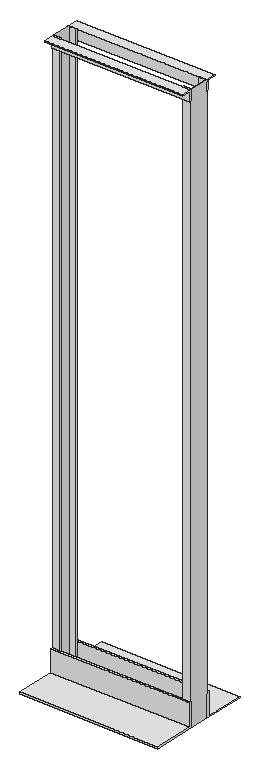
Revit family
Parameters (values of type "RLA19-1245")
  URL = "http://www.middleatlantic.com/dcm"
  Width = 20.28"
  Overall Height = 84.00"
  Model = "RLA19-1245"
  Material = Silver Brushed and Anodizaed
  Manufacturer = "Middle Atlantic Products, Inc."  # constant formula
  Keynote = ""
  Description = "Aluminum Open Frame Rack"  # constant formula
  Assembly Code = ""
Types (4): name | Width | Overall Height | Model | Material
  RLA19-1245 | 20.28" | 84.00" | "RLA19-1245" | Silver Brushed and Anodizaed
  RLA19-1245B | 20.28" | 84.00" | "RLA19-1245B" | Flat Black Powder Coat
  RLA23-1245 | 24.28" | 84.00" | "RLA23-1245" | Silver Brushed and Anodizaed
  RLA19-1251B | 20.28" | 96.17" | "RLA19-1251B" | Flat Black Powder Coat
Reference planes (in)
  plane 1 "Center (Front/Back)": y = 0
  plane 2: z = 0
  plane 3 "Center (Left/Right)": x = 0
  plane 4 "right": x = 10.14
  plane 5 "Top of Rail": z = 84
  plane 6 "Left": x = -10.14
  plane 7: y = 1.5
  plane 8: y = -1.5
Dimensions and locks (in)
  "Overall Height": plane 2 to plane 5 "Top of Rail"
  equal spacing: plane 4 "right", plane 3 "Center (Left/Right)", plane 6 "Left"
  "Width": plane 4 "right" to plane 6 "Left"
  aligned and locked: plane 2 to level
  aligned and locked: plane 7 to nested 2
  aligned and locked: plane 6 "Left" to nested 2
  aligned and locked: plane 7 to nested 1
  aligned and locked: plane 4 "right" to nested 1
  aligned and locked: plane 5 "Top of Rail" to nested 2
  aligned and locked: plane 5 "Top of Rail" to nested 1
  aligned and locked: nested 4 to plane 5 "Top of Rail"
  aligned and locked: plane 5 "Top of Rail" to nested 3
  aligned and locked: nested 3 to plane 7
  aligned and locked: plane 8 to nested 4
  aligned and locked: plane 6 "Left" to nested 3  (x2)
  aligned and locked: plane 4 "right" to nested 3  (x2)
  aligned and locked: nested 4 to plane 6 "Left"
  aligned and locked: nested 4 to plane 4 "right"
  aligned and locked: nested 5 to plane 7
  aligned and locked: plane 6 "Left" to nested 5  (x2)
  aligned and locked: plane 4 "right" to nested 5  (x2)
  aligned and locked: plane 8 to nested 6
  aligned and locked: plane 2 to nested 6
  aligned and locked: nested 5 to plane 2
  aligned and locked: nested 6 to plane 4 "right"
  aligned and locked: nested 6 to plane 6 "Left"
Nested families (in)
  nested 1: "Middle Atlantic-Vertical Rail" at (10.14, 0, 0) x (0, 1, 0) z (0, 0, 1), Material <- "Material", Rail Height <- "Overall Height", type "Middle Atlantic-Vertical Rail"
    with Rail Height 84.00", Rail Cut 54.00", Number of Holes 45, Material Silver Brushed and Anodizaed
  nested 2: "Middle Atlantic-Vertical Rail" at (-10.14, 0, 0) x (0, -1, 0) z (0, 0, 1), Material <- "Material", Rail Height <- "Overall Height", type "Middle Atlantic-Vertical Rail"
    with Rail Height 84.00", Rail Cut 54.00", Number of Holes 45, Material Silver Brushed and Anodizaed
  nested 3: "Middle Atlantic-Top Horizontal Rail" at (0, 1.5, 82.5), Material <- "Material", Rail Length <- "Width", type "Middle Atlantic-Top Horizontal Rail"
    with Rail Length 20.28", Rail Cut 54.00", Material Silver Brushed and Anodizaed
  nested 4: "Middle Atlantic-Top Horizontal Rail" at (0, -1.5, 82.5), Material <- "Material", Rail Length <- "Width", type "Middle Atlantic-Top Horizontal Rail"
    with Rail Length 20.28", Rail Cut 54.00", Material Silver Brushed and Anodizaed
  nested 5: "Middle Atlantic-Bottom Horizontal Rail" at (0, 1.5, 0), Material <- "Material", Rail Length <- "Width", type "Middle Atlantic-Rack Rail"
    with Rail Length 20.28", Rail Cut 54.00", Material Silver Brushed and Anodizaed
  nested 6: "Middle Atlantic-Bottom Horizontal Rail" at (0, -1.5, 0), Material <- "Material", Rail Length <- "Width", type "Middle Atlantic-Rack Rail"
    with Rail Length 20.28", Rail Cut 54.00", Material Silver Brushed and Anodizaed
Definition of nested family "Middle Atlantic-Vertical Rail"
  Parameters (values of type "Middle Atlantic-Vertical Rail")
    Top Offset = 1.50"
    Rail Width = 3.00"
    Rail Height [instance] = 62.00"
    Rail Cut [instance] = 54.00"
    Material [instance] = none
    Holes Spacing = 1.75"
    Number of Holes [instance] = ((Rail Height - (Top Offset + Bottom Offset)) / Holes Spacing)  # 33
    Bottom Offset = 3.60"
    Assembly Code = ""
  Reference planes (in)
    plane 1 "Center (Front/Back)": y = 0
    plane 2: z = 0
    plane 3 "Center (Left/Right)": x = 0
    plane 4: y = 1.13129
    plane 5 "right": x = 1.5
    plane 6 "Top of Rail": z = 62
    plane 7: y = 0.0625
    plane 8 "Left": x = -1.5
    plane 9: x = -1.4375
    plane 10: x = 1.4375
    plane 11: z = 3.6
    plane 12: y = 0.93051
    plane 13: z = 60.5
    plane 14: z = 5.35
  Forms (in)
    Extrusion 1, solid, material <- "Material"
      sketch origin (0, 0, 0) x (1, 0, 0) y (0, 1, 0)
        loop
          line (-1.5, 1.13129) -> (-1.5, 0) -> (1.5, 0) -> (1.5, 1.13129) -> (1.4375, 1.13129) -> (1.4375, 0.0625) -> (-1.4375, 0.0625) -> (-1.4375, 1.13129) -> (-1.5, 1.13129)
      from 0 to 62
  Lines and regions (in)
    model lines, style "GenericModel", detail levels fine
      curve 1: circle (-1.5, 0.93051, 3.6) r 0.06145 normal (-1, 0, 0)
      curve 4: circle (1.5, 0.93051, 3.6) r 0.06145 normal (-1, 0, 0)
      curve 13: circle (-1.5, 0.93051, 5.35) r 0.06145 normal (-1, 0, 0)
      curve 16: circle (1.5, 0.93051, 5.35) r 0.06145 normal (-1, 0, 0)
      curve 19: circle (-1.5, 0.93051, 7.1) r 0.06145 normal (-1, 0, 0)
      curve 22: circle (1.5, 0.93051, 7.1) r 0.06145 normal (-1, 0, 0)
      curve 25: circle (-1.5, 0.93051, 8.85) r 0.06145 normal (-1, 0, 0)
      curve 28: circle (1.5, 0.93051, 8.85) r 0.06145 normal (-1, 0, 0)
      curve 31: circle (-1.5, 0.93051, 10.6) r 0.06145 normal (-1, 0, 0)
      curve 34: circle (1.5, 0.93051, 10.6) r 0.06145 normal (-1, 0, 0)
      curve 37: circle (-1.5, 0.93051, 12.35) r 0.06145 normal (-1, 0, 0)
      curve 40: circle (1.5, 0.93051, 12.35) r 0.06145 normal (-1, 0, 0)
      curve 43: circle (-1.5, 0.93051, 14.1) r 0.06145 normal (-1, 0, 0)
      curve 46: circle (1.5, 0.93051, 14.1) r 0.06145 normal (-1, 0, 0)
      curve 49: circle (-1.5, 0.93051, 15.85) r 0.06145 normal (-1, 0, 0)
      curve 52: circle (1.5, 0.93051, 15.85) r 0.06145 normal (-1, 0, 0)
      curve 55: circle (-1.5, 0.93051, 17.6) r 0.06145 normal (-1, 0, 0)
      curve 58: circle (1.5, 0.93051, 17.6) r 0.06145 normal (-1, 0, 0)
      curve 61: circle (-1.5, 0.93051, 19.35) r 0.06145 normal (-1, 0, 0)
      curve 64: circle (1.5, 0.93051, 19.35) r 0.06145 normal (-1, 0, 0)
      curve 67: circle (-1.5, 0.93051, 21.1) r 0.06145 normal (-1, 0, 0)
      curve 70: circle (1.5, 0.93051, 21.1) r 0.06145 normal (-1, 0, 0)
      curve 73: circle (-1.5, 0.93051, 22.85) r 0.06145 normal (-1, 0, 0)
      curve 76: circle (1.5, 0.93051, 22.85) r 0.06145 normal (-1, 0, 0)
      curve 79: circle (-1.5, 0.93051, 24.6) r 0.06145 normal (-1, 0, 0)
      curve 82: circle (1.5, 0.93051, 24.6) r 0.06145 normal (-1, 0, 0)
      curve 85: circle (-1.5, 0.93051, 26.35) r 0.06145 normal (-1, 0, 0)
      curve 88: circle (1.5, 0.93051, 26.35) r 0.06145 normal (-1, 0, 0)
      curve 91: circle (-1.5, 0.93051, 28.1) r 0.06145 normal (-1, 0, 0)
      curve 94: circle (1.5, 0.93051, 28.1) r 0.06145 normal (-1, 0, 0)
      curve 97: circle (-1.5, 0.93051, 29.85) r 0.06145 normal (-1, 0, 0)
      curve 100: circle (1.5, 0.93051, 29.85) r 0.06145 normal (-1, 0, 0)
      curve 103: circle (-1.5, 0.93051, 31.6) r 0.06145 normal (-1, 0, 0)
      curve 106: circle (1.5, 0.93051, 31.6) r 0.06145 normal (-1, 0, 0)
      curve 109: circle (-1.5, 0.93051, 33.35) r 0.06145 normal (-1, 0, 0)
      curve 112: circle (1.5, 0.93051, 33.35) r 0.06145 normal (-1, 0, 0)
      curve 115: circle (-1.5, 0.93051, 35.1) r 0.06145 normal (-1, 0, 0)
      curve 118: circle (1.5, 0.93051, 35.1) r 0.06145 normal (-1, 0, 0)
      curve 121: circle (-1.5, 0.93051, 36.85) r 0.06145 normal (-1, 0, 0)
      curve 124: circle (1.5, 0.93051, 36.85) r 0.06145 normal (-1, 0, 0)
      curve 127: circle (-1.5, 0.93051, 38.6) r 0.06145 normal (-1, 0, 0)
      curve 130: circle (1.5, 0.93051, 38.6) r 0.06145 normal (-1, 0, 0)
      curve 133: circle (-1.5, 0.93051, 40.35) r 0.06145 normal (-1, 0, 0)
      curve 136: circle (1.5, 0.93051, 40.35) r 0.06145 normal (-1, 0, 0)
      curve 139: circle (-1.5, 0.93051, 42.1) r 0.06145 normal (-1, 0, 0)
      curve 142: circle (1.5, 0.93051, 42.1) r 0.06145 normal (-1, 0, 0)
      curve 145: circle (-1.5, 0.93051, 43.85) r 0.06145 normal (-1, 0, 0)
      curve 148: circle (1.5, 0.93051, 43.85) r 0.06145 normal (-1, 0, 0)
      curve 151: circle (-1.5, 0.93051, 45.6) r 0.06145 normal (-1, 0, 0)
      curve 154: circle (1.5, 0.93051, 45.6) r 0.06145 normal (-1, 0, 0)
      curve 157: circle (-1.5, 0.93051, 47.35) r 0.06145 normal (-1, 0, 0)
      curve 160: circle (1.5, 0.93051, 47.35) r 0.06145 normal (-1, 0, 0)
      curve 163: circle (-1.5, 0.93051, 49.1) r 0.06145 normal (-1, 0, 0)
      curve 166: circle (1.5, 0.93051, 49.1) r 0.06145 normal (-1, 0, 0)
      curve 169: circle (-1.5, 0.93051, 50.85) r 0.06145 normal (-1, 0, 0)
      curve 172: circle (1.5, 0.93051, 50.85) r 0.06145 normal (-1, 0, 0)
      curve 175: circle (-1.5, 0.93051, 52.6) r 0.06145 normal (-1, 0, 0)
      curve 178: circle (1.5, 0.93051, 52.6) r 0.06145 normal (-1, 0, 0)
      curve 181: circle (-1.5, 0.93051, 54.35) r 0.06145 normal (-1, 0, 0)
      curve 184: circle (1.5, 0.93051, 54.35) r 0.06145 normal (-1, 0, 0)
      curve 187: circle (-1.5, 0.93051, 56.1) r 0.06145 normal (-1, 0, 0)
      curve 190: circle (1.5, 0.93051, 56.1) r 0.06145 normal (-1, 0, 0)
      curve 193: circle (-1.5, 0.93051, 57.85) r 0.06145 normal (-1, 0, 0)
      curve 196: circle (1.5, 0.93051, 57.85) r 0.06145 normal (-1, 0, 0)
      curve 199: circle (-1.5, 0.93051, 59.6) r 0.06145 normal (-1, 0, 0)
      curve 202: circle (1.5, 0.93051, 59.6) r 0.06145 normal (-1, 0, 0)
    model lines, style "InvisibleLines", detail levels fine
      curve 2: line (-1.5, 0.86906, 3.6) -> (-1.5, 0.99196, 3.6)
      curve 3: line (-1.5, 0.93051, 3.66145) -> (-1.5, 0.93051, 3.53855)
      curve 5: line (1.5, 0.86906, 3.6) -> (1.5, 0.99196, 3.6)
      curve 6: line (1.5, 0.93051, 3.66145) -> (1.5, 0.93051, 3.53855)
      curve 14: line (-1.5, 0.86906, 5.35) -> (-1.5, 0.99196, 5.35)
      curve 15: line (-1.5, 0.93051, 5.41145) -> (-1.5, 0.93051, 5.28855)
      curve 17: line (1.5, 0.86906, 5.35) -> (1.5, 0.99196, 5.35)
      curve 18: line (1.5, 0.93051, 5.41145) -> (1.5, 0.93051, 5.28855)
      curve 20: line (-1.5, 0.86906, 7.1) -> (-1.5, 0.99196, 7.1)
      curve 21: line (-1.5, 0.93051, 7.16145) -> (-1.5, 0.93051, 7.03855)
      curve 23: line (1.5, 0.86906, 7.1) -> (1.5, 0.99196, 7.1)
      curve 24: line (1.5, 0.93051, 7.16145) -> (1.5, 0.93051, 7.03855)
      curve 26: line (-1.5, 0.86906, 8.85) -> (-1.5, 0.99196, 8.85)
      curve 27: line (-1.5, 0.93051, 8.91145) -> (-1.5, 0.93051, 8.78855)
      curve 29: line (1.5, 0.86906, 8.85) -> (1.5, 0.99196, 8.85)
      curve 30: line (1.5, 0.93051, 8.91145) -> (1.5, 0.93051, 8.78855)
      curve 32: line (-1.5, 0.86906, 10.6) -> (-1.5, 0.99196, 10.6)
      curve 33: line (-1.5, 0.93051, 10.66145) -> (-1.5, 0.93051, 10.53855)
      curve 35: line (1.5, 0.86906, 10.6) -> (1.5, 0.99196, 10.6)
      curve 36: line (1.5, 0.93051, 10.66145) -> (1.5, 0.93051, 10.53855)
      curve 38: line (-1.5, 0.86906, 12.35) -> (-1.5, 0.99196, 12.35)
      curve 39: line (-1.5, 0.93051, 12.41145) -> (-1.5, 0.93051, 12.28855)
      curve 41: line (1.5, 0.86906, 12.35) -> (1.5, 0.99196, 12.35)
      curve 42: line (1.5, 0.93051, 12.41145) -> (1.5, 0.93051, 12.28855)
      curve 44: line (-1.5, 0.86906, 14.1) -> (-1.5, 0.99196, 14.1)
      curve 45: line (-1.5, 0.93051, 14.16145) -> (-1.5, 0.93051, 14.03855)
      curve 47: line (1.5, 0.86906, 14.1) -> (1.5, 0.99196, 14.1)
      curve 48: line (1.5, 0.93051, 14.16145) -> (1.5, 0.93051, 14.03855)
      curve 50: line (-1.5, 0.86906, 15.85) -> (-1.5, 0.99196, 15.85)
      curve 51: line (-1.5, 0.93051, 15.91145) -> (-1.5, 0.93051, 15.78855)
      curve 53: line (1.5, 0.86906, 15.85) -> (1.5, 0.99196, 15.85)
      curve 54: line (1.5, 0.93051, 15.91145) -> (1.5, 0.93051, 15.78855)
      curve 56: line (-1.5, 0.86906, 17.6) -> (-1.5, 0.99196, 17.6)
      curve 57: line (-1.5, 0.93051, 17.66145) -> (-1.5, 0.93051, 17.53855)
      curve 59: line (1.5, 0.86906, 17.6) -> (1.5, 0.99196, 17.6)
      curve 60: line (1.5, 0.93051, 17.66145) -> (1.5, 0.93051, 17.53855)
      curve 62: line (-1.5, 0.86906, 19.35) -> (-1.5, 0.99196, 19.35)
      curve 63: line (-1.5, 0.93051, 19.41145) -> (-1.5, 0.93051, 19.28855)
      curve 65: line (1.5, 0.86906, 19.35) -> (1.5, 0.99196, 19.35)
      curve 66: line (1.5, 0.93051, 19.41145) -> (1.5, 0.93051, 19.28855)
      curve 68: line (-1.5, 0.86906, 21.1) -> (-1.5, 0.99196, 21.1)
      curve 69: line (-1.5, 0.93051, 21.16145) -> (-1.5, 0.93051, 21.03855)
      curve 71: line (1.5, 0.86906, 21.1) -> (1.5, 0.99196, 21.1)
      curve 72: line (1.5, 0.93051, 21.16145) -> (1.5, 0.93051, 21.03855)
      curve 74: line (-1.5, 0.86906, 22.85) -> (-1.5, 0.99196, 22.85)
      curve 75: line (-1.5, 0.93051, 22.91145) -> (-1.5, 0.93051, 22.78855)
      curve 77: line (1.5, 0.86906, 22.85) -> (1.5, 0.99196, 22.85)
      curve 78: line (1.5, 0.93051, 22.91145) -> (1.5, 0.93051, 22.78855)
      curve 80: line (-1.5, 0.86906, 24.6) -> (-1.5, 0.99196, 24.6)
      curve 81: line (-1.5, 0.93051, 24.66145) -> (-1.5, 0.93051, 24.53855)
      curve 83: line (1.5, 0.86906, 24.6) -> (1.5, 0.99196, 24.6)
      curve 84: line (1.5, 0.93051, 24.66145) -> (1.5, 0.93051, 24.53855)
      curve 86: line (-1.5, 0.86906, 26.35) -> (-1.5, 0.99196, 26.35)
      curve 87: line (-1.5, 0.93051, 26.41145) -> (-1.5, 0.93051, 26.28855)
      curve 89: line (1.5, 0.86906, 26.35) -> (1.5, 0.99196, 26.35)
      curve 90: line (1.5, 0.93051, 26.41145) -> (1.5, 0.93051, 26.28855)
      curve 92: line (-1.5, 0.86906, 28.1) -> (-1.5, 0.99196, 28.1)
      curve 93: line (-1.5, 0.93051, 28.16145) -> (-1.5, 0.93051, 28.03855)
      curve 95: line (1.5, 0.86906, 28.1) -> (1.5, 0.99196, 28.1)
      curve 96: line (1.5, 0.93051, 28.16145) -> (1.5, 0.93051, 28.03855)
      curve 98: line (-1.5, 0.86906, 29.85) -> (-1.5, 0.99196, 29.85)
      curve 99: line (-1.5, 0.93051, 29.91145) -> (-1.5, 0.93051, 29.78855)
      curve 101: line (1.5, 0.86906, 29.85) -> (1.5, 0.99196, 29.85)
      curve 102: line (1.5, 0.93051, 29.91145) -> (1.5, 0.93051, 29.78855)
      curve 104: line (-1.5, 0.86906, 31.6) -> (-1.5, 0.99196, 31.6)
      curve 105: line (-1.5, 0.93051, 31.66145) -> (-1.5, 0.93051, 31.53855)
      curve 107: line (1.5, 0.86906, 31.6) -> (1.5, 0.99196, 31.6)
      curve 108: line (1.5, 0.93051, 31.66145) -> (1.5, 0.93051, 31.53855)
      curve 110: line (-1.5, 0.86906, 33.35) -> (-1.5, 0.99196, 33.35)
      curve 111: line (-1.5, 0.93051, 33.41145) -> (-1.5, 0.93051, 33.28855)
      curve 113: line (1.5, 0.86906, 33.35) -> (1.5, 0.99196, 33.35)
      curve 114: line (1.5, 0.93051, 33.41145) -> (1.5, 0.93051, 33.28855)
      curve 116: line (-1.5, 0.86906, 35.1) -> (-1.5, 0.99196, 35.1)
      curve 117: line (-1.5, 0.93051, 35.16145) -> (-1.5, 0.93051, 35.03855)
      curve 119: line (1.5, 0.86906, 35.1) -> (1.5, 0.99196, 35.1)
      curve 120: line (1.5, 0.93051, 35.16145) -> (1.5, 0.93051, 35.03855)
      curve 122: line (-1.5, 0.86906, 36.85) -> (-1.5, 0.99196, 36.85)
      curve 123: line (-1.5, 0.93051, 36.91145) -> (-1.5, 0.93051, 36.78855)
      curve 125: line (1.5, 0.86906, 36.85) -> (1.5, 0.99196, 36.85)
      curve 126: line (1.5, 0.93051, 36.91145) -> (1.5, 0.93051, 36.78855)
      curve 128: line (-1.5, 0.86906, 38.6) -> (-1.5, 0.99196, 38.6)
      curve 129: line (-1.5, 0.93051, 38.66145) -> (-1.5, 0.93051, 38.53855)
      curve 131: line (1.5, 0.86906, 38.6) -> (1.5, 0.99196, 38.6)
      curve 132: line (1.5, 0.93051, 38.66145) -> (1.5, 0.93051, 38.53855)
      curve 134: line (-1.5, 0.86906, 40.35) -> (-1.5, 0.99196, 40.35)
      curve 135: line (-1.5, 0.93051, 40.41145) -> (-1.5, 0.93051, 40.28855)
      curve 137: line (1.5, 0.86906, 40.35) -> (1.5, 0.99196, 40.35)
      curve 138: line (1.5, 0.93051, 40.41145) -> (1.5, 0.93051, 40.28855)
      curve 140: line (-1.5, 0.86906, 42.1) -> (-1.5, 0.99196, 42.1)
      curve 141: line (-1.5, 0.93051, 42.16145) -> (-1.5, 0.93051, 42.03855)
      curve 143: line (1.5, 0.86906, 42.1) -> (1.5, 0.99196, 42.1)
      curve 144: line (1.5, 0.93051, 42.16145) -> (1.5, 0.93051, 42.03855)
      curve 146: line (-1.5, 0.86906, 43.85) -> (-1.5, 0.99196, 43.85)
      curve 147: line (-1.5, 0.93051, 43.91145) -> (-1.5, 0.93051, 43.78855)
      curve 149: line (1.5, 0.86906, 43.85) -> (1.5, 0.99196, 43.85)
      curve 150: line (1.5, 0.93051, 43.91145) -> (1.5, 0.93051, 43.78855)
      curve 152: line (-1.5, 0.86906, 45.6) -> (-1.5, 0.99196, 45.6)
      curve 153: line (-1.5, 0.93051, 45.66145) -> (-1.5, 0.93051, 45.53855)
      curve 155: line (1.5, 0.86906, 45.6) -> (1.5, 0.99196, 45.6)
      curve 156: line (1.5, 0.93051, 45.66145) -> (1.5, 0.93051, 45.53855)
      curve 158: line (-1.5, 0.86906, 47.35) -> (-1.5, 0.99196, 47.35)
      curve 159: line (-1.5, 0.93051, 47.41145) -> (-1.5, 0.93051, 47.28855)
      curve 161: line (1.5, 0.86906, 47.35) -> (1.5, 0.99196, 47.35)
      curve 162: line (1.5, 0.93051, 47.41145) -> (1.5, 0.93051, 47.28855)
      curve 164: line (-1.5, 0.86906, 49.1) -> (-1.5, 0.99196, 49.1)
      curve 165: line (-1.5, 0.93051, 49.16145) -> (-1.5, 0.93051, 49.03855)
      curve 167: line (1.5, 0.86906, 49.1) -> (1.5, 0.99196, 49.1)
      curve 168: line (1.5, 0.93051, 49.16145) -> (1.5, 0.93051, 49.03855)
      curve 170: line (-1.5, 0.86906, 50.85) -> (-1.5, 0.99196, 50.85)
      curve 171: line (-1.5, 0.93051, 50.91145) -> (-1.5, 0.93051, 50.78855)
      curve 173: line (1.5, 0.86906, 50.85) -> (1.5, 0.99196, 50.85)
      curve 174: line (1.5, 0.93051, 50.91145) -> (1.5, 0.93051, 50.78855)
      curve 176: line (-1.5, 0.86906, 52.6) -> (-1.5, 0.99196, 52.6)
      curve 177: line (-1.5, 0.93051, 52.66145) -> (-1.5, 0.93051, 52.53855)
      curve 179: line (1.5, 0.86906, 52.6) -> (1.5, 0.99196, 52.6)
      curve 180: line (1.5, 0.93051, 52.66145) -> (1.5, 0.93051, 52.53855)
      curve 182: line (-1.5, 0.86906, 54.35) -> (-1.5, 0.99196, 54.35)
      curve 183: line (-1.5, 0.93051, 54.41145) -> (-1.5, 0.93051, 54.28855)
      curve 185: line (1.5, 0.86906, 54.35) -> (1.5, 0.99196, 54.35)
      curve 186: line (1.5, 0.93051, 54.41145) -> (1.5, 0.93051, 54.28855)
      curve 188: line (-1.5, 0.86906, 56.1) -> (-1.5, 0.99196, 56.1)
      curve 189: line (-1.5, 0.93051, 56.16145) -> (-1.5, 0.93051, 56.03855)
      curve 191: line (1.5, 0.86906, 56.1) -> (1.5, 0.99196, 56.1)
      curve 192: line (1.5, 0.93051, 56.16145) -> (1.5, 0.93051, 56.03855)
      curve 194: line (-1.5, 0.86906, 57.85) -> (-1.5, 0.99196, 57.85)
      curve 195: line (-1.5, 0.93051, 57.91145) -> (-1.5, 0.93051, 57.78855)
      curve 197: line (1.5, 0.86906, 57.85) -> (1.5, 0.99196, 57.85)
      curve 198: line (1.5, 0.93051, 57.91145) -> (1.5, 0.93051, 57.78855)
      curve 200: line (-1.5, 0.86906, 59.6) -> (-1.5, 0.99196, 59.6)
      curve 201: line (-1.5, 0.93051, 59.66145) -> (-1.5, 0.93051, 59.53855)
      curve 203: line (1.5, 0.86906, 59.6) -> (1.5, 0.99196, 59.6)
      curve 204: line (1.5, 0.93051, 59.66145) -> (1.5, 0.93051, 59.53855)
    model lines, style "GenericModel", not visible, detail levels fine
      curve 7: circle (-1.5, 0.93051, 3.6) r 0.06145 normal (-1, 0, 0)
      curve 10: circle (1.5, 0.93051, 3.6) r 0.06145 normal (-1, 0, 0)
    model lines, style "InvisibleLines", not visible, detail levels fine
      curve 8: line (-1.5, 0.86906, 3.6) -> (-1.5, 0.99196, 3.6)
      curve 9: line (-1.5, 0.93051, 3.66145) -> (-1.5, 0.93051, 3.53855)
      curve 11: line (1.5, 0.86906, 3.6) -> (1.5, 0.99196, 3.6)
      curve 12: line (1.5, 0.93051, 3.66145) -> (1.5, 0.93051, 3.53855)
  Dimensions and locks (in)
    "Rail Height": plane 6 "Top of Rail" to level
    locked: plane 8 "Left" to plane 9 at 0.0625
    locked: plane 10 to plane 5 "right" at 0.0625
    equal spacing: plane 8 "Left", plane 3 "Center (Left/Right)", plane 5 "right"
    "Rail Width": plane 8 "Left" to plane 5 "right"
    "Bottom Offset": plane 11 to plane 2
    locked: plane 4 to plane 12 at 0.20078
    "Top Offset": plane 6 "Top of Rail" to plane 13
    locked: plane 4 to plane 1 "Center (Front/Back)" at 1.13129
    locked: plane 14 to curve 2 at 1.75
    equal spacing: group 1, group 3, group 4, group 5, group 6, group 7, group 8, group 9, group 10, group 11, group 12, group 13, group 14, group 15, group 16, group 17, group 18, group 19, group 20, group 21, group 22, group 23, group 24, group 25, group 26, group 27, group 28, group 29, group 30, group 31, group 32, group 33, group 34  (x3)
    aligned and locked: plane 2 to level
    aligned and locked: plane 8 "Left" to Extrusion 1 sketch curve
    aligned and locked: Extrusion 1 sketch curve to plane 9
    aligned and locked: Extrusion 1 sketch curve to plane 4
    aligned and locked: Extrusion 1 sketch curve to plane 7
    aligned and locked: Extrusion 1 sketch curve to plane 1 "Center (Front/Back)"
    aligned and locked: plane 10 to Extrusion 1 sketch curve
    aligned and locked: Extrusion 1 sketch curve to plane 5 "right"
    aligned and locked: plane 6 "Top of Rail" to Extrusion 1
    aligned and locked: Extrusion 1 to plane 2
    aligned and locked: plane 11 to curve 2
    aligned and locked: plane 12 to curve 3
    aligned and locked: curve 6 to plane 12
  Automatic sketch dimensions
    Extrusion 1 sketch curve to plane 4 = 0.00"
    curve 2 to curve 3 = 0.0869"
    curve 1 to curve 2 = 0.06145"  (x2)
    curve 5 to curve 6 = 0.0869"
    curve 4 to curve 5 = 0.06145"  (x2)
Definition of nested family "Middle Atlantic-Top Horizontal Rail"
  Parameters (values of type "Middle Atlantic-Top Horizontal Rail")
    Rail Length [instance] = 40.00"
    Rail Height = 62.00"
    Rail Cut [instance] = 54.00"
    Material [instance] = none
    Assembly Code = ""
  Reference planes (in)
    plane 1 "Center (Front/Back)": y = 0
    plane 2: z = 0
    plane 3 "Center (Left/Right)": x = 0
    plane 4: y = 1.5
    plane 5 "right": x = 20
    plane 6 "Top of Rail": z = 1.5
    plane 7 "Front": y = 0.1875
    plane 8 "Left": x = -20
    plane 9: z = 1.31
    plane 10: x = 19.5
    plane 11: x = -19.5
    plane 12: z = 0.655
  Forms (in)
    Extrusion 1, solid, material <- "Material"
      sketch origin (-20, 0, 0) x (0, 1, 0) y (0, 0, -1)
        loop
          line (1.5, -1.31) -> (0.1875, -1.31) -> (0.1875, 0) -> (0, 0) -> (0, -1.5) -> (1.5, -1.5) -> (1.5, -1.31)
      from -40 to 0
  Lines and regions (in)
    model lines, style "GenericModel", not visible
      curve 1: circle (-1.51, 0.79922, 3.56145) r 0.06145 normal (-1, 0, 0)
      curve 13: circle (16.5, 0, 0.655) r 0.2 normal (0, 1, 0)
    model lines, style "InvisibleLines", not visible
      curve 2: line (-1.51, 0.73777, 3.56145) -> (-1.51, 0.86066, 3.56145)
      curve 3: line (-1.51, 0.79922, 3.62289) -> (-1.51, 0.79922, 3.5)
      curve 14: line (16.5, 0, 0.455) -> (16.5, 0, 0.855)
      curve 15: line (16.7, 0, 0.655) -> (16.3, 0, 0.655)
    model lines, style "GenericModel", detail levels fine
      curve 4: circle (19.5, 0.1875, 0.655) r 0.2 normal (0, 1, 0)
      curve 10: circle (-19.5, 0.1875, 0.655) r 0.2 normal (0, 1, 0)
    model lines, style "InvisibleLines", detail levels fine
      curve 5: line (19.5, 0.1875, 0.455) -> (19.5, 0.1875, 0.855)
      curve 6: line (19.7, 0.1875, 0.655) -> (19.3, 0.1875, 0.655)
      curve 11: line (-19.5, 0.1875, 0.455) -> (-19.5, 0.1875, 0.855)
      curve 12: line (-19.3, 0.1875, 0.655) -> (-19.7, 0.1875, 0.655)
    model lines, style "GenericModel", not visible, detail levels fine
      curve 7: circle (19.5, 0.1875, 0.70904) r 0.2 normal (0, 1, 0)
    model lines, style "InvisibleLines", not visible, detail levels fine
      curve 8: line (19.5, 0.1875, 0.50904) -> (19.5, 0.1875, 0.90904)
      curve 9: line (19.7, 0.1875, 0.70904) -> (19.3, 0.1875, 0.70904)
  Dimensions and locks (in)
    equal spacing: plane 8 "Left", plane 3 "Center (Left/Right)", plane 5 "right"
    "Rail Length": plane 8 "Left" to plane 5 "right"
    locked: plane 1 "Center (Front/Back)" to plane 4 at 1.5
    locked: plane 1 "Center (Front/Back)" to plane 7 "Front" at 0.1875
    locked: plane 6 "Top of Rail" to plane 2 at 1.5
    locked: plane 6 "Top of Rail" to plane 9 at 0.19
    locked: plane 5 "right" to plane 10 at 0.5
    locked: plane 8 "Left" to plane 11 at 0.5
    equal spacing: plane 2, plane 12, Extrusion 1, locked at 0.655 each
    aligned and locked: plane 2 to level
    aligned and locked: Extrusion 1 sketch curve to plane 7 "Front"
    aligned and locked: Extrusion 1 sketch curve to plane 1 "Center (Front/Back)"
    aligned and locked: Extrusion 1 sketch curve to plane 6 "Top of Rail"
    aligned and locked: Extrusion 1 sketch curve to plane 2
    aligned and locked: Extrusion 1 sketch curve to plane 4
    aligned and locked: plane 5 "right" to Extrusion 1
    aligned and locked: plane 8 "Left" to Extrusion 1
    aligned and locked: curve 6 to plane 12
    aligned and locked: plane 10 to curve 5
    aligned and locked: curve 11 to plane 11
    aligned and locked: curve 12 to plane 12
  Automatic sketch dimensions
    Extrusion 1 sketch curve to plane 9 = 0.00"
Definition of nested family "Middle Atlantic-Bottom Horizontal Rail"
  Parameters (values of type "Middle Atlantic-Rack Rail")
    Rail Width = 6.00"
    Rail Length [instance] = 20.25"
    Rail Height = 3.50"
    Rail Cut [instance] = 54.00"
    Material [instance] = none
    Assembly Code = ""
  Reference planes (in)
    plane 1 "Center (Front/Back)": y = 0
    plane 2: z = 0
    plane 3 "Center (Left/Right)": x = 0
    plane 4: y = 6
    plane 5 "right": x = 10.125
    plane 6 "Top of Rail": z = 3.5
    plane 7 "Front": y = 0.25
    plane 8 "Left": x = -10.125
    plane 9 "Bottom Base": z = 0.25
    plane 10: x = 9.625
    plane 11: x = -9.625
    plane 12: z = 0.655
    plane 13: y = 4.75
    plane 14: z = 3.09
    plane 15: x = -8
    plane 16: x = 8
  Forms (in)
    Extrusion 1, solid, material <- "Material"
      sketch origin (-10.125, 0, 0) x (0, 1, 0) y (0, 0, -1)
        loop
          line (0, -3.5) -> (0.25, -3.5) -> (0.25, -0.25) -> (6, -0.25) -> (6, 0) -> (0, 0) -> (0, -3.5)
      from -20.25 to 0
  Lines and regions (in)
    model lines, style "GenericModel", not visible
      curve 1: circle (-1.51, 0.79922, 3.56145) r 0.06145 normal (-1, 0, 0)
      curve 7: circle (16.5, 0, 0.655) r 0.2 normal (0, 1, 0)
    model lines, style "InvisibleLines", not visible
      curve 2: line (-1.51, 0.73777, 3.56145) -> (-1.51, 0.86066, 3.56145)
      curve 3: line (-1.51, 0.79922, 3.62289) -> (-1.51, 0.79922, 3.5)
      curve 8: line (16.5, 0, 0.455) -> (16.5, 0, 0.855)
      curve 9: line (16.7, 0, 0.655) -> (16.3, 0, 0.655)
    model lines, style "GenericModel", not visible, detail levels fine
      curve 4: circle (19.5, 0.25, -2.12713) r 0.2 normal (0, -1, 0)
      curve 19: circle (-29.375, 4.25, 0.25) r 0.3 normal (0, 0, 1)
      curve 28: circle (-19.5, 0.25, 3.09) r 0.2 normal (0, 1, 0)
      curve 31: circle (19.5, 0.25, 0.30787) r 0.2 normal (0, -1, 0)
    model lines, style "InvisibleLines", not visible, detail levels fine
      curve 5: line (19.5, 0.25, -1.92713) -> (19.5, 0.25, -2.32713)
      curve 6: line (19.7, 0.25, -2.12713) -> (19.3, 0.25, -2.12713)
      curve 20: line (-29.675, 4.25, 0.25) -> (-29.075, 4.25, 0.25)
      curve 21: line (-29.375, 4.55, 0.25) -> (-29.375, 3.95, 0.25)
      curve 29: line (-19.5, 0.25, 3.29) -> (-19.5, 0.25, 2.89)
      curve 30: line (-19.7, 0.25, 3.09) -> (-19.3, 0.25, 3.09)
      curve 32: line (19.5, 0.25, 0.50787) -> (19.5, 0.25, 0.10787)
      curve 33: line (19.7, 0.25, 0.30787) -> (19.3, 0.25, 0.30787)
    model lines, style "GenericModel", detail levels fine
      curve 10: circle (-9.625, 0.25, 0.655) r 0.2 normal (0, 1, 0)
      curve 13: circle (9.625, 0.25, 0.655) r 0.2 normal (0, -1, 0)
      curve 16: circle (-8, 4.75, 0.25) r 0.3 normal (0, 0, 1)
      curve 22: circle (8, 4.75, 0.25) r 0.3 normal (0, 0, -1)
      curve 25: circle (-9.625, 0.25, 3.09) r 0.2 normal (0, 1, 0)
      curve 34: circle (9.625, 0.25, 3.09) r 0.2 normal (0, -1, 0)
    model lines, style "InvisibleLines", detail levels fine
      curve 11: line (-9.625, 0.25, 0.855) -> (-9.625, 0.25, 0.455)
      curve 12: line (-9.825, 0.25, 0.655) -> (-9.425, 0.25, 0.655)
      curve 14: line (9.625, 0.25, 0.855) -> (9.625, 0.25, 0.455)
      curve 15: line (9.825, 0.25, 0.655) -> (9.425, 0.25, 0.655)
      curve 17: line (-8.3, 4.75, 0.25) -> (-7.7, 4.75, 0.25)
      curve 18: line (-8, 5.05, 0.25) -> (-8, 4.45, 0.25)
      curve 23: line (8.3, 4.75, 0.25) -> (7.7, 4.75, 0.25)
      curve 24: line (8, 5.05, 0.25) -> (8, 4.45, 0.25)
      curve 26: line (-9.625, 0.25, 3.29) -> (-9.625, 0.25, 2.89)
      curve 27: line (-9.825, 0.25, 3.09) -> (-9.425, 0.25, 3.09)
      curve 35: line (9.625, 0.25, 3.29) -> (9.625, 0.25, 2.89)
      curve 36: line (9.825, 0.25, 3.09) -> (9.425, 0.25, 3.09)
  Dimensions and locks (in)
    equal spacing: plane 8 "Left", plane 3 "Center (Left/Right)", plane 5 "right"
    "Rail Length": plane 8 "Left" to plane 5 "right"
    "Rail Width": plane 1 "Center (Front/Back)" to plane 4
    locked: plane 1 "Center (Front/Back)" to plane 7 "Front" at 0.25
    "Rail Height": plane 6 "Top of Rail" to plane 2
    locked: plane 5 "right" to plane 10 at 0.5
    locked: plane 8 "Left" to plane 11 at 0.5
    locked: plane 2 to plane 12 at 0.655
    locked: plane 9 "Bottom Base" to plane 2 at 0.25
    locked: plane 4 to plane 13 at 1.25
    locked: plane 14 to plane 6 "Top of Rail" at 0.41
    locked: plane 15 to plane 16 at 16
    equal spacing: plane 15, plane 3 "Center (Left/Right)", plane 16, locked at 8 each
    aligned and locked: plane 2 to level
    aligned and locked: Extrusion 1 sketch curve to plane 1 "Center (Front/Back)"
    aligned and locked: Extrusion 1 sketch curve to plane 6 "Top of Rail"
    aligned and locked: Extrusion 1 sketch curve to plane 4
    aligned and locked: plane 5 "right" to Extrusion 1
    aligned and locked: plane 8 "Left" to Extrusion 1
    aligned and locked: Extrusion 1 sketch curve to plane 9 "Bottom Base"
    aligned and locked: Extrusion 1 sketch curve to plane 7 "Front"
    aligned and locked: Extrusion 1 to plane 2
    aligned and locked: plane 4 to Extrusion 1
    aligned and locked: plane 7 "Front" to Extrusion 1
    aligned and locked: plane 1 "Center (Front/Back)" to Extrusion 1
    aligned and locked: plane 9 "Bottom Base" to Extrusion 1
    aligned and locked: plane 6 "Top of Rail" to Extrusion 1
    aligned and locked: plane 10 to curve 14
    aligned and locked: curve 11 to plane 11
    aligned and locked: plane 12 to curve 12
    aligned and locked: curve 17 to plane 13
    aligned and locked: curve 18 to plane 15
    aligned and locked: plane 11 to curve 26
    aligned and locked: plane 14 to curve 27
    aligned and locked: curve 15 to plane 12
    aligned and locked: curve 35 to plane 10
    aligned and locked: plane 15 to curve 18  (x2)
    aligned and locked: plane 13 to curve 17  (x2)
    aligned and locked: plane 16 to curve 24
    aligned and locked: plane 13 to curve 23
  Automatic sketch dimensions
    curve 27 to curve 26 = 0.28284"  (x3)
    curve 27 to curve 25 = 0.20"  (x2)
    curve 25 to curve 27 = 0.20"  (x4)
    curve 26 to curve 25 = 0.20"
    Extrusion 1 sketch curve to level = 0.00"
    curve 30 to curve 29 = 0.20"
    curve 30 to curve 28 = 0.20"
    curve 28 to curve 30 = 0.00"
    curve 12 to curve 10 = 0.20"
    curve 10 to curve 12 = 0.00"
    curve 6 to curve 4 = 0.20"
    curve 4 to curve 6 = 0.00"
    curve 15 to curve 13 = 0.20"
    curve 13 to curve 15 = 0.00"
    curve 25 to curve 11 = 0.00"
    curve 11 to curve 25 = 2.235"
    curve 12 to curve 27 = 0.00"
    curve 27 to curve 25 = 0.00"
    curve 26 to curve 25 = 0.00"
    curve 31 to curve 5 = 0.00"
    curve 31 to curve 5 = 2.235"
    curve 6 to curve 33 = 0.00"
    curve 31 to curve 33 = 0.20"
    curve 33 to curve 31 = 0.00"
    curve 32 to curve 31 = 0.00"
    curve 34 to curve 14 = 0.00"
    curve 34 to curve 14 = 2.235"
    curve 15 to curve 36 = 0.00"
    curve 34 to curve 36 = 0.20"
    curve 36 to curve 34 = 0.00"
    curve 35 to curve 34 = 0.00"
    radius of curve 25 = 0.20"
